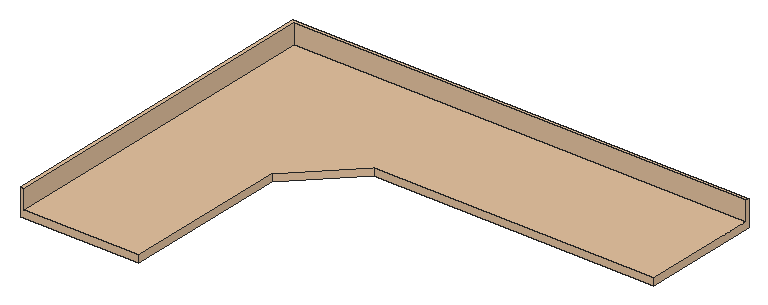
Revit family "4b78d9acf7e64668ad8d0ef640c4e3ab", category Casework, Revit 2021
Family settings
  OmniClass Number = 23.40.35.17.47.11
  OmniClass Title = Kitchen Casework
  Seek Item ID = Counter Top-L Shaped 2-0000-USA-ENU
  Work Plane-Based = No
  Always vertical = Yes
  Cut with Voids When Loaded = No
  Shared = Yes
  Room Calculation Point = No
Parameters (values of type "24" Depth")
  Default Elevation = 0' - 0"
  Assembly Code = "C1030400"
  Counter Thickness = 0' - 1 1/2"
  Counter Top Material = none
  Depth = 2' - 1"
  Height = 3' - 0"
  Length - Leg 1 [instance] = 8' - 0"
  Length - Leg 2 [instance] = 6' - 0"
Reference planes (in)
  plane 1 "Back": y = 0
  plane 2: z = 0
  plane 3 "Left": x = -47.2623
  plane 4 "Right": x = 48.7377
  plane 5 "Front": y = -25
  plane 6 "Top": z = 36
  plane 7 "Top Of Cabinet": z = 34.5
  plane 8: y = -0.75
  plane 9: z = 40
  plane 10: x = -22.2623
  plane 11: y = -72
  plane 12: x = -46.5123
  plane 13: x = -10.2623
  plane 14: y = -37
Forms (in)
  Extrusion 1, solid, material <- "Counter Top Material"
    sketch origin (0, 0, 0) x (1, 0, 0) y (0, 1, 0)
      loop
        line (-47.2623, 0) -> (-47.2623, -72) -> (-22.2623, -72) -> (-22.2623, -37) -> (-10.2623, -25) -> (48.7377, -25) -> (48.7377, 0) -> (-47.2623, 0)
    from 34.5 to 36
  Extrusion 2, solid, material <- "Counter Top Material"
    sketch origin (0, 0, 0) x (1, 0, 0) y (0, 1, 0)
      loop
        line (48.7377, 0) -> (-47.2623, 0) -> (-47.2623, -0.75) -> (48.7377, -0.75) -> (48.7377, 0)
    from 36 to 40
  Extrusion 3, solid, material <- "Counter Top Material"
    sketch origin (0, 0, 0) x (1, 0, 0) y (0, 1, 0)
      loop
        line (-47.2623, -0.75) -> (-47.2623, -72) -> (-46.5123, -72) -> (-46.5123, -0.75) -> (-47.2623, -0.75)
    from 36 to 40
Cuts and joins
  joined: Extrusion 1, Extrusion 2, Extrusion 3
Lines and regions (in)
  Masking region 1
    outline origin (0, 0, 34.5) x (0, -1, 0) y (1, 0, 0)
      loop
        line (0, -47.2623) -> (72, -47.2623) -> (72, -22.2623) -> (37, -22.2623) -> (25, -10.2623) -> (25, 48.7377) -> (0, 48.7377) -> (0, -47.2623)
  symbolic lines, style "Counter Top"
    curve 1: line (-46.5123, -0.75, 34.5) -> (48.7377, -0.75, 34.5)
    curve 2: line (-46.5123, -72, 34.5) -> (-46.5123, -0.75, 34.5)
Dimensions and locks (in)
  "Depth": plane 5 "Front" to plane 1 "Back"
  "Length - Leg 1": plane 3 "Left" to plane 4 "Right"
  "Height": level to plane 6 "Top"
  "Counter Thickness": plane 7 "Top Of Cabinet" to plane 6 "Top"
  locked: plane 8 to plane 1 "Back" at 0.75
  plane 6 "Top" to plane 9 = 0' - 4"
  "Depth": plane 3 "Left" to plane 10
  "Length - Leg 2": plane 11 to plane 1 "Back"
  locked: plane 3 "Left" to plane 12 at 0.75
  locked: plane 14 to plane 5 "Front" at 12
  locked: plane 10 to plane 13 at 12
  aligned and locked: Extrusion 1 sketch curve to plane 1 "Back"
  aligned and locked: plane 4 "Right" to Extrusion 1 sketch curve
  aligned and locked: Extrusion 1 sketch curve to plane 5 "Front"
  aligned and locked: Extrusion 1 sketch curve to plane 3 "Left"
  aligned and locked: Extrusion 1 to plane 6 "Top"
  aligned and locked: Extrusion 1 to plane 7 "Top Of Cabinet"
  aligned and locked: plane 1 "Back" to Extrusion 2 sketch curve
  aligned and locked: plane 8 to Extrusion 2 sketch curve
  aligned and locked: Extrusion 2 sketch curve to plane 4 "Right"
  aligned and locked: plane 3 "Left" to Extrusion 2 sketch curve
  aligned and locked: Extrusion 2 to plane 9
  aligned and locked: plane 6 "Top" to Extrusion 2
  aligned and locked: plane 10 to Extrusion 1 sketch curve
  aligned and locked: plane 11 to Extrusion 1 sketch curve
  aligned and locked: plane 12 to Extrusion 3 sketch curve
  aligned and locked: Extrusion 3 to plane 8
  aligned and locked: plane 3 "Left" to Extrusion 3
  aligned and locked: Extrusion 3 to plane 9
  aligned and locked: plane 6 "Top" to Extrusion 3
  aligned and locked: Masking region 1 sketch curve to plane 1 "Back"
  aligned and locked: Masking region 1 sketch curve to plane 3 "Left"
  aligned and locked: plane 11 to Masking region 1 sketch curve
  aligned and locked: Masking region 1 sketch curve to plane 10
  aligned and locked: plane 4 "Right" to Masking region 1 sketch curve
  aligned and locked: plane 5 "Front" to Masking region 1 sketch curve
  aligned and locked: Masking region 1 sketch curve to cut or joined group of Extrusion 1, Extrusion 2, Extrusion 3
Automatic sketch dimensions
  plane 3 "Left" to Extrusion 3 sketch curve = 0' - 0"
  plane 11 to Extrusion 3 sketch curve = 0' - 0"
  plane 1 "Back" to Extrusion 3 sketch curve = 0' - 0 3/4"
  Extrusion 1 sketch curve to plane 13 = 0' - 0"
  Extrusion 1 sketch curve to plane 14 = 0' - 0"
  curve 1 to plane 4 "Right" = 0' - 0"
  curve 1 to plane 8 = 0' - 0"
  curve 2 to plane 11 = 0' - 0"
  curve 1 to plane 3 "Left" = 0' - 0 3/4"
